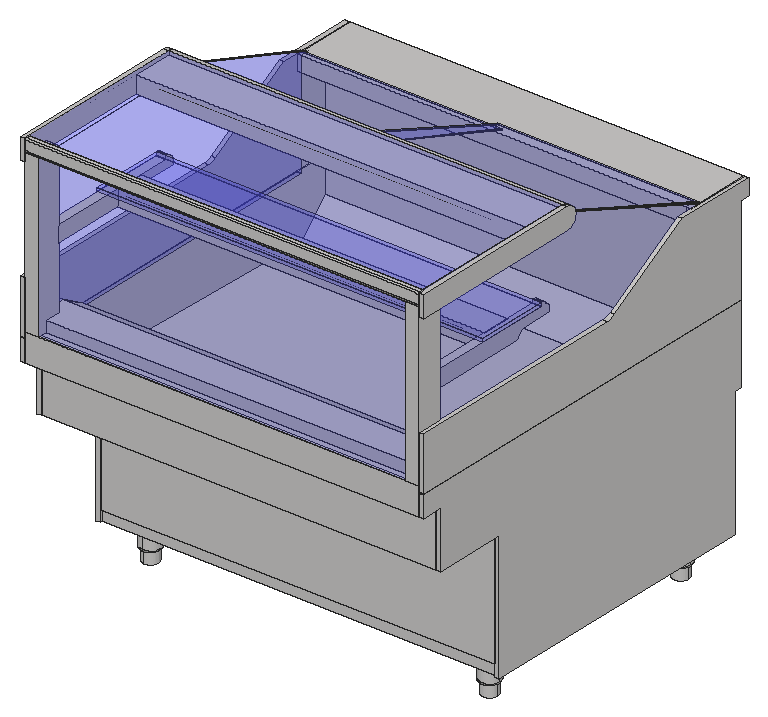
Revit family "Food-Service-Equipment_Oscartek_Dd1110-46H_cat", category Specialty Equipment, Revit 2026
Family settings
  Round Connector Dimension = Use Diameter
  Part Type = Normal
  Classification Number = 23.40.40.11.17
  Work Plane-Based = No
  Enable Cutting in Views = No
  Always vertical = Yes
  Cut with Voids When Loaded = No
  Maintain Annotation Orientation = No
  Shared = No
  Room Calculation Point = No
Parameters
  Width = 44"  # constant formula
  Weight in Pounds = 650
  Watts = 1085 W
  Waste Water Discharge Temperature [instance] = -459.67 °F
  Volts = 230 V
  URL Cutsheet = "www.oscartek.com"
  URL = "www.oscartek.com"
  Type Mark [instance] = ""
  Type Comments = "As Specified"
  Test Data = "http://www.oscartek.com/company/clients.php"
  Status [instance] = ""
  Specification by User [instance] = ""
  Specification by Manufacturer = ""
  Specification = "https://www.arcat.com/arcatcos/cos48/arc48760.html"
  Show Clearance [instance] = yes
  Serial Number = ""
  Seismic Rating = ""
  Sales Information = "http://www.oscartek.com/company/contact.php"
  SMACNA No = ""
  Revision Code [instance] = ""
  Revision = "R1_2018-10"
  Refrigerant Type [instance] = "R404A"
  Product Data = "http://www.oscartek.com/support/manuals/"
  Plumbing Remarks [instance] = ""
  Plumbing Connection Type [instance] = ""
  Phase = 1
  Omniclass Number and Title = ""
  Number of Poles [instance] = 1
  NAFEM Spec ID Number = ""
  Model = "DD1110-46H"
  Min Ckt Ampacity = 0 A
  Max Overcurrent Protection = 0 A
  Masterspec = ""
  Manufacturer Website = "http://www.oscartek.com/index.php"
  Manufacturer Phone - Toll Free = "855-885-2400"
  Manufacturer Phone = "650-342-2400"
  Manufacturer Fax = "650-342-7400"
  Manufacturer Address = "361 Beach Rd., Burlingame, CA 94010"
  Manufacturer = "OSCARTEK"
  Light Length = Width - 4"  # 40"
  Item Number [instance] = ""
  Installed By [instance] = ""
  Installation-Fabrication = "http://www.oscartek.com/support/manuals/"
  Indirect Waste Size = 1"  # constant formula
  Indirect Waste Flow [instance] = 0 GPM
  Indirect Waste Connection Type [instance] = ""
  Indirect Waste Connection Height = 0"
  Identify Quantity as Lot [instance] = yes
  HP = ""
  Green Building-LEED = "https://www.arcat.com/green/green_building.shtml"
  Furnished By [instance] = ""
  Foodservice Equipment Identifier [instance] = yes
  FL Amps = 8.2 A
  Electrical Remarks [instance] = ""
  Electric Connection Type [instance] = ""
  Elec Conn RI Height [instance] = 0"
  Elec Conn Connection Height [instance] = 0"
  Drawn By = "Sumex Design, Inc. / Robert S. Weygant, CSI, CDT, SCIP"
  Description = "DIAMOND DELI/PASTRY SHOWCASES"
  Default Elevation = 0"
  Cycle = 50 Hz
  Copyright = "©Arcat Inc."
  Construction Details = "http://www.oscartek.com/support/manuals/"
  Conn Plug = ""
  Conn Conduit = yes
  Category = ""
  CSI MasterFormat = "11 41 13"
  CSI Master Format = "Refrigerated Food Storage Cases"
  Building Codes = "https://www.arcat.com/arcatcos/cos48/arc48760.html"
  Body Finish [instance] = QF_Finishes_Stainless Steel
  Apparent Power = if(Phase = 3, Volts * FL Amps * 1.73, Volts * FL Amps)  # 1886 VA
Reference planes (in)
  plane 1 "BACK": y = 0
  plane 2: z = 0
  plane 3 "LEFT": x = 0
  plane 4 "RIGHT": x = 44
  plane 5 "FRONT": y = -44.25
  plane 6 "TOP": z = 46
  plane 7 "Center Y": x = 22
  plane 8 "Center X": y = -22.125
  plane 9 "base": z = 17.92856
  plane 10: x = 1
  plane 11: x = 43
Forms (in)
  Extrusion 1, solid, material "QF_Finishes_Stainless Steel" <- "Body Finish"
    sketch origin (0, -44.25, 0) x (0, -1, 0) y (0, 0, -1)
      loop
        line (-2.31297, -17.92856) -> (-10.28174, -17.92856) -> (-10.28174, -5.22229) -> (-10.53174, -5.22229) -> (-10.53174, -3.97229) -> (-16.20099, -3.97229) -> (-16.20099, -5.22229) -> (-36.65227, -5.22229) -> (-36.65227, -3.97229) -> (-42.24423, -3.97229) -> (-42.24423, -5.22229) -> (-42.36829, -5.22229) -> (-42.36829, -17.92856) -> (-43.23446, -17.92856) -> (-43.23446, -36.17971) -> (-44.25, -36.17971) -> (-44.25, -37.95445) -> (-37.12476, -37.95445) -> (-37.12476, -36.28911) -> (-40.26039, -36.28911) -> (-40.8759, -35.6736) -> (-40.8759, -22.59092) -> (-37.69392, -19.40894) -> (-7.45443, -20.20633) -> (-7.45443, -26.70633) -> (-4.63984, -28.33133) -> (-0.97833, -28.33133) -> (-0.97833, -27.10344) -> (0, -27.10344) -> (0, -24.10344) -> (-2.31297, -24.10344) -> (-2.31297, -17.92856)
      loop
        line (-0.5528, -44.60986) -> (-0.5528, -46) -> (-0.12856, -46)
        arc (-0.12856, -46) -> (-0.03766, -45.96234) -> (0, -45.87143) r 0.12856
        line (0, -45.87143) -> (0, -44.78387)
        arc (0, -44.78387) -> (-0.05096, -44.66083) -> (-0.174, -44.60986) r 0.174
        line (-0.174, -44.60986) -> (-0.5528, -44.60986)
      loop
        line (-19.5564, -46) -> (-19.5564, -45.59411) -> (-15.11183, -45.59411) -> (-15.11183, -43.67954) -> (-15.61183, -43.67954) -> (-15.61183, -44.92954) -> (-18.0564, -44.92954) -> (-18.0564, -43.67954) -> (-19.5564, -43.67954)
        arc (-19.5564, -43.67954) -> (-20.71663, -44.83977) -> (-19.5564, -46) r 1.16023
    from 0.5 to 43.5
  Extrusion 2, solid, material "QF_Finishes_Stainless Steel" <- "Body Finish"
    sketch origin (0, -44.25, 0) x (0, -1, 0) y (0, 0, -1)
      loop
        line (-2.31297, -17.92856) -> (-10.28174, -17.92856) -> (-10.28174, -3.97229) -> (-42.36829, -3.97229) -> (-42.36829, -17.92856) -> (-43.23446, -17.92856) -> (-43.23446, -26.40315) -> (0, -26.40315) -> (0, -24.10344) -> (-2.31297, -24.10344) -> (-2.31297, -17.92856)
      loop
        line (-35.31011, -37.95445) -> (-26.08517, -32.62843)
        arc (-26.08517, -32.62843) -> (-25.6104, -32.43178) -> (-25.10092, -32.3647) r 1.9685
        line (-25.10092, -32.3647) -> (0, -32.3647) -> (0, -26.52815) -> (-43.22627, -26.52815) -> (-43.22627, -36.17971) -> (-44.25, -36.17971) -> (-44.25, -37.95445) -> (-35.31011, -37.95445)
    from 0 to 0.5
  Extrusion 3, solid, material "QF_Finishes_Stainless Steel" <- "Body Finish"
    sketch origin (0, -44.25, 0) x (0, -1, 0) y (0, 0, -1)
      loop
        line (0, -27.10344) -> (-2.74998, -27.10344) -> (-2.74998, -44.60986) -> (0, -44.60986) -> (0, -27.10344)
    from 0.5 to 2
  Extrusion 4, solid, material "QF_Finishes_Stainless Steel" <- "Body Finish"
    sketch origin (0, -44.25, 0) x (0, -1, 0) y (0, 0, -1)
      loop
        line (0, -46) -> (0, -43.67954) -> (-19.5564, -43.67954)
        arc (-19.5564, -43.67954) -> (-20.71663, -44.83977) -> (-19.5564, -46) r 1.16023
        line (-19.5564, -46) -> (0, -46)
    from 0 to 0.5
  Extrusion 5, solid, material "QF_Finishes_Stainless Steel" <- "Body Finish"
    sketch origin (44, 0, 0) x (0, 1, 0) y (0, 0, 1)
      loop
        line (-44.25, 46) -> (-44.25, 43.67954) -> (-24.6936, 43.67954)
        arc (-24.6936, 43.67954) -> (-23.53337, 44.83977) -> (-24.6936, 46) r 1.16023
        line (-24.6936, 46) -> (-44.25, 46)
    from 0 to -0.5
  Extrusion 6, solid, material "QF_Finishes_Stainless Steel" <- "Body Finish"
    sketch origin (44, -44.25, 0) x (0, -1, 0) y (0, 0, -1)
      loop
        line (0, -27.10344) -> (-2.74998, -27.10344) -> (-2.74998, -44.60986) -> (0, -44.60986) -> (0, -27.10344)
    from -0.5 to -2
  Extrusion 7, solid, material "Glass"
    sketch origin (0, -44.25, 0) x (1, 0, 0) y (0, 1, 0)
      loop
        line (2, 0) -> (42, 0) -> (42, 0.2764) -> (2, 0.2764) -> (2, 0)
    from 27.10344 to 44.60986
  Extrusion 8, solid, material "QF_Finishes_Stainless Steel" <- "Body Finish"
    sketch origin (44, 0, 0) x (0, 1, 0) y (0, 0, 1)
      loop
        line (-41.93703, 17.92856) -> (-33.96826, 17.92856) -> (-33.96826, 3.97229) -> (-1.88171, 3.97229) -> (-1.88171, 17.92856) -> (-1.01554, 17.92856) -> (-1.01554, 26.40315) -> (-44.25, 26.40315) -> (-44.25, 24.10344) -> (-41.93703, 24.10344) -> (-41.93703, 17.92856)
      loop
        line (-8.93989, 37.95445) -> (-18.16483, 32.62843)
        arc (-18.16483, 32.62843) -> (-18.6396, 32.43178) -> (-19.14908, 32.3647) r 1.9685
        line (-19.14908, 32.3647) -> (-44.25, 32.3647) -> (-44.25, 26.52815) -> (-1.02373, 26.52815) -> (-1.02373, 36.17971) -> (0, 36.17971) -> (0, 37.95445) -> (-8.93989, 37.95445)
    from 0 to -0.5
  Revolve 9, solid, material "QF_Finishes_Stainless Steel"
    sketch origin (3.5, -44.25, 0) x (0, -1, 0) y (0, 0, -1)
      loop
        line (-13.37229, 0) -> (-13.37229, -3.97229) -> (-12.18681, -3.97229) -> (-12.18681, -3.77531) -> (-12.27584, -3.77531) -> (-12.27584, -1.45503)
        arc (-12.27584, -1.45503) -> (-12.32001, -1.34838) -> (-12.42666, -1.30421) r 0.15082
        line (-12.42666, -1.30421) -> (-12.50615, -1.30421) -> (-12.50615, 0) -> (-13.37229, 0)
      axis (-13.37229, -3.97229) -> (-13.37229, 0)
    angle from 0 to 360
  Revolve 10, solid, material "QF_Finishes_Stainless Steel"
    sketch origin (3.5, -18.18706, 0) x (0, -1, 0) y (0, 0, -1)
      loop
        line (-13.37229, 0) -> (-13.37229, -3.97229) -> (-12.18681, -3.97229) -> (-12.18681, -3.77531) -> (-12.27584, -3.77531) -> (-12.27584, -1.45503)
        arc (-12.27584, -1.45503) -> (-12.32001, -1.34838) -> (-12.42666, -1.30421) r 0.15082
        line (-12.42666, -1.30421) -> (-12.50615, -1.30421) -> (-12.50615, 0) -> (-13.37229, 0)
      axis (-13.37229, -3.97229) -> (-13.37229, 0)
    angle from 0 to 360
  Revolve 11, solid, material "QF_Finishes_Stainless Steel"
    sketch origin (53.87229, -30.87771, 0) x (1, 0, 0) y (0, 0, 1)
      loop
        line (-13.37229, 0) -> (-12.50615, 0) -> (-12.50615, 1.30421) -> (-12.42666, 1.30421)
        arc (-12.42666, 1.30421) -> (-12.32001, 1.34838) -> (-12.27584, 1.45503) r 0.15082
        line (-12.27584, 1.45503) -> (-12.27584, 3.77531) -> (-12.18681, 3.77531) -> (-12.18681, 3.97229) -> (-13.37229, 3.97229) -> (-13.37229, 0)
      axis (-13.37229, 3.97229) -> (-13.37229, 0)
    angle from 0 to 360
  Revolve 12, solid, material "QF_Finishes_Stainless Steel"
    sketch origin (53.87229, -4.81477, 0) x (1, 0, 0) y (0, 0, 1)
      loop
        line (-13.37229, 0) -> (-12.50615, 0) -> (-12.50615, 1.30421) -> (-12.42666, 1.30421)
        arc (-12.42666, 1.30421) -> (-12.32001, 1.34838) -> (-12.27584, 1.45503) r 0.15082
        line (-12.27584, 1.45503) -> (-12.27584, 3.77531) -> (-12.18681, 3.77531) -> (-12.18681, 3.97229) -> (-13.37229, 3.97229) -> (-13.37229, 0)
      axis (-13.37229, 3.97229) -> (-13.37229, 0)
    angle from 0 to 360
  Extrusion 13, solid, material "Glass"
    sketch origin (0, -44.25, 0) x (0, -1, 0) y (0, 0, -1)
      loop
        line (-0.5528, -46) -> (-0.5528, -45.59411) -> (-19.5564, -45.59411) -> (-19.5564, -46) -> (-0.5528, -46)
    from 0.5 to 43.5
  Extrusion 14, solid, material "QF_Finishes_Black"
    sketch origin (0, -1.88171, 5.22229) x (0, 0, 1) y (1, 0, 0)
      loop
        line (11.08103, 37.21488) -> (1.08103, 37.21488) -> (1.08103, 35.71488) -> (11.08103, 35.71488) -> (11.08103, 37.21488)
      loop
        line (11.08103, 35.46488) -> (1.08103, 35.46488) -> (1.08103, 33.96488) -> (11.08103, 33.96488) -> (11.08103, 35.46488)
      loop
        line (11.08103, 33.71488) -> (1.08103, 33.71488) -> (1.08103, 32.21488) -> (11.08103, 32.21488) -> (11.08103, 33.71488)
      loop
        line (11.08103, 31.96488) -> (1.08103, 31.96488) -> (1.08103, 30.46488) -> (11.08103, 30.46488) -> (11.08103, 31.96488)
      loop
        line (11.08103, 30.21488) -> (1.08103, 30.21488) -> (1.08103, 28.71488) -> (11.08103, 28.71488) -> (11.08103, 30.21488)
      loop
        line (11.08103, 28.46488) -> (1.08103, 28.46488) -> (1.08103, 26.96488) -> (11.08103, 26.96488) -> (11.08103, 28.46488)
    from 0 to 0.03125
  Extrusion 15, solid, material "QF_Finishes_Door Clearance", visible <- "Show Clearance", detail levels coarse
    sketch origin (0, -44.25, 0) x (0, -1, 0) y (0, 0, -1)
      loop
        line (17.50642, -27.10344) -> (0, -27.10344) -> (0, -44.60986)
        arc (0, -44.60986) -> (12.37891, -39.48235) -> (17.50642, -27.10344) r 17.50642
    from 0.5 to 43.5
  Extrusion 16, solid, material "QF_Finishes_Stainless Steel"
    sketch origin (0, -44.25, 17.92856) x (-1, 0, 0) y (0, -1, 0)
      loop
        circle (-5.75, -36.79348) r 0.5
      loop
        circle (-38.25, -36.79348) r 0.5
    from 0 to -1
  Extrusion 17, solid, material "QF_Finishes_Stainless Steel" <- "Body Finish"
    sketch origin (0, -44.25, 0) x (0, -1, 0) y (0, 0, -1)
      loop
        line (-2.74998, -35.08466) -> (-13.82063, -35.08466)
        arc (-13.82063, -35.08466) -> (-13.97129, -35.11463) -> (-14.09902, -35.19998) r 0.3937
        line (-14.09902, -35.19998) -> (-14.65579, -35.75675)
        arc (-14.65579, -35.75675) -> (-14.78352, -35.8421) -> (-14.93418, -35.87206) r 0.3937
        line (-14.93418, -35.87206) -> (-18.35113, -35.87206)
        arc (-18.35113, -35.87206) -> (-18.18116, -36.72072) -> (-17.49636, -37.25001) r 1.23649
        line (-17.49636, -37.25001) -> (-17.3307, -37.25001) -> (-17.3307, -36.85631) -> (-2.74998, -36.85631) -> (-2.74998, -35.08466)
    from 1 to 2
  Extrusion 18, solid, material "QF_Finishes_Stainless Steel" <- "Body Finish"
    sketch origin (43, -180, 44.05288) x (0, 0, -1) y (0, 1, 0)
      loop
        line (8.96822, 138.49998) -> (8.96822, 149.57063)
        arc (8.96822, 149.57063) -> (8.93825, 149.72129) -> (8.85291, 149.84902) r 0.3937
        line (8.85291, 149.84902) -> (8.29613, 150.40579)
        arc (8.29613, 150.40579) -> (8.21079, 150.53352) -> (8.18082, 150.68418) r 0.3937
        line (8.18082, 150.68418) -> (8.18082, 154.10113)
        arc (8.18082, 154.10113) -> (7.33217, 153.93116) -> (6.80287, 153.24636) r 1.23649
        line (6.80287, 153.24636) -> (6.80287, 153.0807) -> (7.19657, 153.0807) -> (7.19657, 138.49998) -> (8.96822, 138.49998)
    from 0 to -1
  Extrusion 19, solid, material "Glass"
    sketch origin (0, -44.25, 0) x (0, -1, 0) y (0, 0, -1)
      loop
        line (-9.24016, -37.25001) -> (-9.24016, -36.85631) -> (-17.31101, -36.85631) -> (-17.31101, -37.25001) -> (-9.24016, -37.25001)
    from 1 to 43
  Extrusion 20, solid, material "QF_Finishes_Stainless Steel" <- "Body Finish"
    sketch origin (0, -44.25, 0) x (0, -1, 0) y (0, 0, -1)
      loop
        line (-13.91788, -36.85631) -> (-10.80814, -36.85631) -> (-10.80814, -35.08466) -> (-10.93314, -35.08466) -> (-10.93314, -36.73131) -> (-13.79288, -36.73131) -> (-13.79288, -35.08466) -> (-13.91788, -35.08466) -> (-13.91788, -36.85631)
    from 2 to 42
  Extrusion 21, solid, material "QF_Finishes_Stainless Steel"
    sketch origin (-3.58988, -1.88171, 5.22229) x (0, 0, 1) y (-1, 0, 0)
      loop
        line (12.70627, -20.3562) -> (11.20627, -20.3562) -> (11.20627, -26.3562) -> (12.70627, -26.3562) -> (12.70627, -20.3562)
    from 0 to -1
  Extrusion 22, solid, material "Glass"
    sketch origin (44, -44.25, 0) x (0, -1, 0) y (0, 0, 1)
      loop
        line (-20.70992, 44.96435) -> (-38.26035, 38.10722) -> (-38.20304, 37.96053) -> (-20.71601, 44.80186)
        arc (-20.71601, 44.80186) -> (-20.71582, 44.88321) -> (-20.70992, 44.96435) r 1.16023
    from 0.5 to 22.5
  Extrusion 23, solid, material "Glass"
    sketch origin (0, -44.25, 0) x (0, -1, 0) y (0, 0, 1)
      loop
        line (-2.74998, 43.67954) -> (-19.5564, 43.67954)
        arc (-19.5564, 43.67954) -> (-20.14761, 43.84147) -> (-20.5738, 44.28206) r 1.16023
        line (-20.5738, 44.28206) -> (-38.07788, 37.95445) -> (-37.12476, 37.95445) -> (-37.12476, 26.42856) -> (-7.45443, 26.42856) -> (-7.45443, 26.70633) -> (-4.63984, 28.33133) -> (-2.74998, 28.33133) -> (-2.74998, 43.67954)
    from -0.5 to -1
  Extrusion 24, solid, material "Glass"
    sketch origin (0, -44.25, 0) x (0, -1, 0) y (0, 0, 1)
      loop
        line (-20.5738, 44.28206) -> (-37.65129, 38.10866) -> (-37.59776, 37.96056) -> (-20.48648, 44.14617)
        arc (-20.48648, 44.14617) -> (-20.53251, 44.2126) -> (-20.5738, 44.28206) r 1.16023
    from -0.5 to -22.5
  Extrusion 25, solid, material "Glass"
    sketch origin (43, -180, 44.05288) x (0, 0, -1) y (0, 1, 0)
      loop
        line (0.37334, 138.49998) -> (15.72156, 138.49998) -> (15.72156, 140.38984) -> (17.34656, 143.20443) -> (17.62432, 143.20443) -> (17.62432, 172.87476) -> (6.09843, 172.87476) -> (6.09843, 173.96858) -> (-0.74897, 156.46601)
        arc (-0.74897, 156.46601) -> (0.04682, 156.11329) -> (0.37334, 155.3064) r 1.16023
        line (0.37334, 155.3064) -> (0.37334, 138.49998)
    from 0.5 to 0
Lines and regions (in)
  Split face 1
    outline origin (-3.58988, -0.88171, 5.22229) x (0, 0, 1) y (-1, 0, 0)
      loop
        line (12.34422, -21.51577) -> (11.59422, -21.51577) -> (11.59422, -25.51577) -> (12.34422, -25.51577) -> (12.34422, -21.51577)
  symbolic lines
    curve 1: line (0, -44.25, 0) -> (44, -44.25, 0)
    curve 2: line (0, 0, 0) -> (0, -44.25, 0)
    curve 3: line (44, -44.25, 0) -> (44, 0, 0)
    curve 4: line (43.5, 0, 0) -> (43.5, -44.25, 0)
    curve 5: line (0.5, -44.25, 0) -> (0.5, 0, 0)
    curve 6: line (0.5, -6.59871, 0) -> (21.5, -6.59871, 0)
    curve 7: line (21.5, -5.98965, 0) -> (21.5, -23.53337, 0)
    curve 8: line (21.5, -5.98965, 0) -> (43.5, -5.98965, 0)
    curve 9: line (0, -23.53337, 0) -> (44, -23.53337, 0)
    curve 10: line (0.5, -24.7561, 0) -> (43.5, -24.7561, 0)
    curve 11: line (0.5, -43.6537, 0) -> (43.5, -43.6537, 0)
    curve 12: line (0, 0, 0) -> (44, 0, 0)
  symbolic lines, style "QF-Door Swings"
    curve 13: line (43.5, -61.87838, 0) -> (0.5, -61.87838, 0)
    curve 14: line (0.5, -61.87838, 0) -> (0.5, -44.25, 0)
    curve 15: line (43.5, -44.25, 0) -> (43.5, -61.87838, 0)
  symbolic lines, style "QF-Surface Details"
    curve 16: line (8.98362, -16.5042, 0) -> (12.1656, -13.32221, 0)
    curve 17: line (8.65315, -17.94487, 0) -> (13.6029, -12.99513, 0)
    curve 18: line (10.24583, -17.76641, 0) -> (13.60459, -14.40765, 0)
    curve 19: line (30.73362, -16.5042, 0) -> (33.9156, -13.32221, 0)
    curve 20: line (30.40315, -17.94487, 0) -> (35.3529, -12.99513, 0)
    curve 21: line (31.99583, -17.76641, 0) -> (35.35459, -14.40765, 0)
    curve 22: line (8.98362, -34.5042, 0) -> (12.1656, -31.32221, 0)
    curve 23: line (8.65315, -35.94487, 0) -> (13.6029, -30.99513, 0)
    curve 24: line (10.24583, -35.76641, 0) -> (13.60459, -32.40765, 0)
    curve 25: line (30.73362, -34.5042, 0) -> (33.9156, -31.32221, 0)
    curve 26: line (30.40315, -35.94487, 0) -> (35.3529, -30.99513, 0)
    curve 27: line (31.99583, -35.76641, 0) -> (35.35459, -32.40765, 0)
    curve 28: line (20.6853, -34.5042, 0) -> (23.86728, -31.32221, 0)
    curve 29: line (20.35483, -35.94487, 0) -> (25.30458, -30.99513, 0)
    curve 30: line (21.94751, -35.76641, 0) -> (25.30627, -32.40765, 0)
Dimensions and locks (in)
  equal spacing: plane 3 "LEFT", plane 7 "Center Y", plane 4 "RIGHT"
  "Width": plane 3 "LEFT" to plane 4 "RIGHT"
  equal spacing: plane 5 "FRONT", plane 8 "Center X", plane 1 "BACK"
  plane 5 "FRONT" to plane 1 "BACK" = 44 1/4"
  Extrusion 21 sketch curve to Extrusion 21 sketch curve to plane 4 "RIGHT" = 6" locked, 21.23369" locked
  locked: plane 3 "LEFT" to plane 10 at 1
  locked: plane 4 "RIGHT" to plane 11 at 1
  plane 4 "RIGHT" to Extrusion 6 to Extrusion 6 = 1/2" locked, 1 1/2" locked
  Extrusion 3 to Extrusion 3 to plane 3 "LEFT" = 1 1/2" locked, 1/2" locked
  Extrusion 22 to plane 7 "Center Y" to Extrusion 24 = 1/2" locked, 1/2" locked
  plane 6 "TOP" to level = 46"
  aligned and locked: level to plane 2
  aligned and locked: Extrusion 15 to Extrusion 6
  aligned and locked: Extrusion 6 to Extrusion 22
  aligned and locked: Extrusion 1 to Extrusion 6
  aligned and locked: plane 11 to Extrusion 19
  aligned and locked: Extrusion 6 to Extrusion 13
  aligned and locked: nested 1 to plane 7 "Center Y"
  aligned and locked: nested 2 to plane 7 "Center Y"
  aligned and locked: Extrusion 20 to Extrusion 6
Automatic sketch dimensions
  Extrusion 1 sketch curve to plane 9 "base" = 0"  (x2)
  plane 1 "BACK" to Extrusion 1 sketch curve = 0"
  Extrusion 1 sketch curve to Extrusion 1 sketch curve = 1.01554"
  Extrusion 1 sketch curve to Extrusion 1 sketch curve = 0.86617"
  Extrusion 1 sketch curve to Extrusion 1 sketch curve = 0.12406"
  plane 1 "BACK" to Extrusion 1 sketch curve = 3.3741"
  Extrusion 1 sketch curve to Extrusion 1 sketch curve = 0.6155"  (x2)
  plane 9 "base" to Extrusion 1 sketch curve = 1.48038"
  Extrusion 1 sketch curve to Extrusion 1 sketch curve = 3.18198"  (x2)
  Extrusion 1 sketch curve to Extrusion 1 sketch curve = 3.13563"
  Extrusion 1 sketch curve to Extrusion 1 sketch curve = 5.59196"
  Extrusion 1 sketch curve to plane 8 "Center X" = 2.5686"
  Extrusion 1 sketch curve to Extrusion 1 sketch curve = 1 1/2"
  Extrusion 1 sketch curve to plane 8 "Center X" = 5.92401"
  Extrusion 1 sketch curve to Extrusion 1 sketch curve = 2.44457"
  Extrusion 1 sketch curve to Extrusion 1 sketch curve = 1/2"
  Extrusion 1 sketch curve to Extrusion 1 sketch curve = 5.66925"
  Extrusion 1 sketch curve to plane 5 "FRONT" = 10.28174"
  plane 9 "base" to Extrusion 1 sketch curve = 2.27777"
  Extrusion 1 sketch curve to Extrusion 1 sketch curve = 2.82731"
  Extrusion 1 sketch curve to Extrusion 1 sketch curve = 2.81458"
  Extrusion 1 sketch curve to plane 5 "FRONT" = 2.31297"
  Extrusion 1 sketch curve to plane 5 "FRONT" = 0.97833"
  Extrusion 1 sketch curve to plane 5 "FRONT" = 0.5528"
  Extrusion 1 sketch curve to Extrusion 1 sketch curve = 0.3788"
  Extrusion 1 sketch curve to Extrusion 1 sketch curve = 0.42424"
  plane 5 "FRONT" to Extrusion 1 sketch curve = 0"
  Extrusion 1 sketch curve to Extrusion 1 sketch curve = 0.12856"
  Extrusion 1 sketch curve to Extrusion 1 sketch curve = 6.17488"
  Extrusion 1 sketch curve to Extrusion 1 sketch curve = 2.60288"
  Extrusion 1 sketch curve to Extrusion 1 sketch curve = 3"
  Extrusion 1 sketch curve to Extrusion 1 sketch curve = 1 5/8"
  Extrusion 1 sketch curve to Extrusion 1 sketch curve = 13.08268"
  Extrusion 1 sketch curve to Extrusion 1 sketch curve = 0.50611"
  Extrusion 1 sketch curve to Extrusion 1 sketch curve = 1.77474"
  Extrusion 1 sketch curve to Extrusion 1 sketch curve = 5.72508"
  Extrusion 1 sketch curve to Extrusion 1 sketch curve = 0"
  Extrusion 1 sketch curve to Extrusion 1 sketch curve = 0.93033"
  Extrusion 1 sketch curve to Extrusion 1 sketch curve = 1.16023"
  Extrusion 1 sketch curve to Extrusion 1 sketch curve = 1 1/4"  (x3)
  Extrusion 1 sketch curve to Extrusion 1 sketch curve = 0.66458"
  Extrusion 1 sketch curve to Extrusion 1 sketch curve = 1.08757"
  level to Extrusion 1 sketch curve = 5.22229"  (x3)
  Extrusion 2 sketch curve to plane 9 "base" = 0"  (x2)
  plane 1 "BACK" to Extrusion 2 sketch curve = 0"
  plane 1 "BACK" to Extrusion 2 sketch curve = 1.01554"
  Extrusion 2 sketch curve to Extrusion 2 sketch curve = 0.00819"
  plane 1 "BACK" to Extrusion 2 sketch curve = 1.88171"
  Extrusion 2 sketch curve to Extrusion 2 sketch curve = 7.91616"
  plane 8 "Center X" to Extrusion 2 sketch curve = 3.96017"
  Extrusion 2 sketch curve to Extrusion 2 sketch curve = 0.98425"
  level to Extrusion 2 sketch curve = 3.97229"
  Extrusion 2 sketch curve to plane 5 "FRONT" = 10.28174"
  Extrusion 2 sketch curve to plane 5 "FRONT" = 2.31297"
  plane 5 "FRONT" to Extrusion 2 sketch curve = 0"
  Extrusion 2 sketch curve to Extrusion 2 sketch curve = 0"
  Extrusion 2 sketch curve to Extrusion 2 sketch curve = 6.17488"
  Extrusion 2 sketch curve to Extrusion 2 sketch curve = 2.29971"
  Extrusion 2 sketch curve to Extrusion 2 sketch curve = 1/8"
  Extrusion 2 sketch curve to Extrusion 2 sketch curve = 5.83655"
  Extrusion 2 sketch curve to Extrusion 2 sketch curve = 0.26373"
  Extrusion 2 sketch curve to Extrusion 2 sketch curve = 9.65156"
  Extrusion 2 sketch curve to Extrusion 2 sketch curve = 1.77474"
  Extrusion 3 sketch curve to plane 5 "FRONT" = 2.74998"
  plane 5 "FRONT" to Extrusion 3 sketch curve = 0"
  plane 9 "base" to Extrusion 3 sketch curve = 26.6813"
  plane 9 "base" to Extrusion 3 sketch curve = 9.17488"
  Extrusion 4 sketch curve to plane 8 "Center X" = 2.5686"
  plane 5 "FRONT" to Extrusion 4 sketch curve = 0"
  plane 9 "base" to Extrusion 4 sketch curve = 28.07144"
  Extrusion 4 sketch curve to Extrusion 4 sketch curve = 1.16023"
  Extrusion 6 sketch curve to plane 5 "FRONT" = 2.74998"
  plane 5 "FRONT" to Extrusion 6 sketch curve = 0"
  plane 9 "base" to Extrusion 6 sketch curve = 26.6813"
  plane 9 "base" to Extrusion 6 sketch curve = 9.17488"
  plane 5 "FRONT" to Extrusion 7 sketch curve = 0.2764"
  Extrusion 7 sketch curve to plane 3 "LEFT" = 2"
  Extrusion 7 sketch curve to plane 5 "FRONT" = 0"
  plane 4 "RIGHT" to Extrusion 7 sketch curve = 2"
  Revolve 9 sketch curve to level = 0"
  Revolve 9 sketch curve to plane 8 "Center X" = 8.75271"
  Revolve 9 sketch curve to Revolve 9 sketch curve = 0"
  Revolve 9 sketch curve to Revolve 9 sketch curve = 0.86614"
  Revolve 9 sketch curve to Revolve 9 sketch curve = 0.07949"
  Revolve 9 sketch curve to Revolve 9 sketch curve = 1.09644"
  Revolve 9 sketch curve to Revolve 9 sketch curve = 0.08904"
  level to Revolve 9 sketch curve = 1.30421"
  Revolve 9 sketch curve to Revolve 9 sketch curve = 1.40035"
  Revolve 9 sketch curve to Revolve 9 sketch curve = 0.91993"
  Revolve 9 sketch curve to Revolve 9 sketch curve = 0.19698"
  Revolve 9 sketch curve to Revolve 9 sketch curve = 0.14462"
  Revolve 10 sketch curve to level = 0"
  plane 1 "BACK" to Revolve 10 sketch curve = 4.81477"
  Revolve 10 sketch curve to Revolve 10 sketch curve = 0"
  Revolve 10 sketch curve to Revolve 10 sketch curve = 0.86614"
  Revolve 10 sketch curve to Revolve 10 sketch curve = 0.07949"
  Revolve 10 sketch curve to Revolve 10 sketch curve = 1.09644"
  Revolve 10 sketch curve to Revolve 10 sketch curve = 0.08904"
  level to Revolve 10 sketch curve = 1.30421"
  Revolve 10 sketch curve to Revolve 10 sketch curve = 1.40035"
  Revolve 10 sketch curve to Revolve 10 sketch curve = 0.91993"
  Revolve 10 sketch curve to Revolve 10 sketch curve = 0.19698"
  Revolve 10 sketch curve to Revolve 10 sketch curve = 0.14462"
  Revolve 11 sketch curve to level = 0"
  Revolve 11 sketch curve to Revolve 11 sketch curve = 0"
  Revolve 11 sketch curve to Revolve 11 sketch curve = 0.86614"
  Revolve 11 sketch curve to Revolve 11 sketch curve = 0.07949"
  Revolve 11 sketch curve to Revolve 11 sketch curve = 1.09644"
  Revolve 11 sketch curve to Revolve 11 sketch curve = 0.08904"
  Revolve 11 sketch curve to Revolve 11 sketch curve = 0.14462"
  level to Revolve 11 sketch curve = 1.30421"
  Revolve 11 sketch curve to Revolve 11 sketch curve = 1.40035"
  Revolve 11 sketch curve to Revolve 11 sketch curve = 0.91993"
  Revolve 11 sketch curve to Revolve 11 sketch curve = 0.19698"
  Revolve 12 sketch curve to level = 0"
  Revolve 12 sketch curve to Revolve 12 sketch curve = 0"
  Revolve 12 sketch curve to Revolve 12 sketch curve = 0.86614"
  Revolve 12 sketch curve to Revolve 12 sketch curve = 0.07949"
  Revolve 12 sketch curve to Revolve 12 sketch curve = 1.09644"
  Revolve 12 sketch curve to Revolve 12 sketch curve = 0.08904"
  Revolve 12 sketch curve to Revolve 12 sketch curve = 0.14462"
  level to Revolve 12 sketch curve = 1.30421"
  Revolve 12 sketch curve to Revolve 12 sketch curve = 1.40035"
  Revolve 12 sketch curve to Revolve 12 sketch curve = 0.91993"
  Revolve 12 sketch curve to Revolve 12 sketch curve = 0.19698"
  Extrusion 13 sketch curve to plane 8 "Center X" = 2.5686"
  Extrusion 13 sketch curve to plane 5 "FRONT" = 0.5528"
  plane 9 "base" to Extrusion 13 sketch curve = 28.07144"
  Extrusion 13 sketch curve to Extrusion 13 sketch curve = 0.40588"
  Extrusion 14 sketch curve to Extrusion 1 = 1.08103"  (x2)
  Extrusion 14 sketch curve to Extrusion 14 sketch curve = 0"  (x8)
  Extrusion 1 to Extrusion 14 sketch curve = 1.62523"  (x2)
  Extrusion 1 to Extrusion 14 sketch curve = 16.53512"
  Extrusion 14 sketch curve to Extrusion 14 sketch curve = 1 1/2"  (x6)
  Extrusion 14 sketch curve to Extrusion 14 sketch curve = 1/4"  (x5)
  Extrusion 16 sketch curve to plane 4 "RIGHT" = 5 3/4"
  plane 3 "LEFT" to Extrusion 16 sketch curve = 5 3/4"
  plane 1 "BACK" to Extrusion 16 sketch curve = 7.45652"  (x2)
  Extrusion 17 sketch curve to plane 8 "Center X" = 3.77387"
  Extrusion 17 sketch curve to Extrusion 17 sketch curve = 0.85477"
  Extrusion 17 sketch curve to Extrusion 17 sketch curve = 0.16566"
  Extrusion 17 sketch curve to Extrusion 17 sketch curve = 0.20029"
  Extrusion 17 sketch curve to Extrusion 17 sketch curve = 2.19623"
  Extrusion 17 sketch curve to Extrusion 17 sketch curve = 0.27839"  (x4)
  Extrusion 17 sketch curve to Extrusion 17 sketch curve = 0.55678"
  Extrusion 17 sketch curve to plane 5 "FRONT" = 2.74998"
  plane 9 "base" to Extrusion 17 sketch curve = 19.32145"
  Extrusion 17 sketch curve to Extrusion 17 sketch curve = 0.3937"
  Extrusion 17 sketch curve to Extrusion 17 sketch curve = 0.7874"
  Extrusion 17 sketch curve to Extrusion 17 sketch curve = 0.11531"
  Extrusion 19 sketch curve to plane 8 "Center X" = 4.81399"
  Extrusion 19 sketch curve to Extrusion 19 sketch curve = 8.07085"
  plane 9 "base" to Extrusion 19 sketch curve = 19.32145"
  Extrusion 19 sketch curve to Extrusion 19 sketch curve = 0.3937"
  Extrusion 20 sketch curve to plane 8 "Center X" = 8.20712"
  Extrusion 20 sketch curve to Extrusion 20 sketch curve = 1/8"  (x3)
  Extrusion 20 sketch curve to Extrusion 20 sketch curve = 2.85974"
  plane 9 "base" to Extrusion 20 sketch curve = 18.92775"
  Extrusion 20 sketch curve to Extrusion 20 sketch curve = 1.64665"  (x2)
  Extrusion 21 sketch curve to plane 9 "base" = 0"
  Extrusion 21 sketch curve to Extrusion 21 sketch curve = 1 1/2"
  Split face 1 sketch curve to Extrusion 21 = 0.38795"
  Split face 1 sketch curve to Extrusion 21 = 0.36205"
  Split face 1 sketch curve to Extrusion 21 = 0.84043"
  Split face 1 sketch curve to Extrusion 21 = 1.15957"
  plane 1 "BACK" to Extrusion 22 sketch curve = 5.98965"
  Extrusion 22 sketch curve to Extrusion 22 sketch curve = 0.05731"
  Extrusion 22 sketch curve to plane 8 "Center X" = 1.41508"
  Extrusion 22 sketch curve to Extrusion 22 sketch curve = 0.00609"
  Extrusion 22 sketch curve to Extrusion 22 sketch curve = 1.15961"
  plane 9 "base" to Extrusion 22 sketch curve = 20.03197"
  Extrusion 22 sketch curve to Extrusion 22 sketch curve = 0.14668"
  plane 1 "BACK" to Extrusion 23 sketch curve = 6.17212"
  Extrusion 23 sketch curve to Extrusion 23 sketch curve = 61/64"
  Extrusion 23 sketch curve to plane 8 "Center X" = 1.5512"
  Extrusion 23 sketch curve to Extrusion 23 sketch curve = 1.0174"
  Extrusion 23 sketch curve to plane 5 "FRONT" = 7.45443"
  Extrusion 23 sketch curve to Extrusion 23 sketch curve = 2.81458"
  Extrusion 23 sketch curve to plane 5 "FRONT" = 2.74998"
  plane 9 "base" to Extrusion 23 sketch curve = 8 1/2"
  Extrusion 23 sketch curve to Extrusion 23 sketch curve = 0.27777"
  Extrusion 23 sketch curve to Extrusion 23 sketch curve = 1 5/8"
  Extrusion 23 sketch curve to Extrusion 23 sketch curve = 11.52589"
  Extrusion 23 sketch curve to Extrusion 23 sketch curve = 15.34821"
  Extrusion 23 sketch curve to Extrusion 23 sketch curve = 0.60253"
  plane 1 "BACK" to Extrusion 24 sketch curve = 6.59871"
  Extrusion 24 sketch curve to Extrusion 24 sketch curve = 0.05354"
  Extrusion 24 sketch curve to plane 8 "Center X" = 1.5512"
  Extrusion 24 sketch curve to Extrusion 24 sketch curve = 0.08731"
  Extrusion 24 sketch curve to Extrusion 24 sketch curve = 1.0174"
  plane 9 "base" to Extrusion 24 sketch curve = 20.032"
  Extrusion 24 sketch curve to Extrusion 24 sketch curve = 0.1481"
  curve 1 to plane 3 "LEFT" = 0"
  plane 5 "FRONT" to curve 5 = 0"
  plane 1 "BACK" to curve 5 = 0"
  curve 3 to plane 4 "RIGHT" = 0"
  plane 3 "LEFT" to curve 14 = 1/2"
  plane 3 "LEFT" to curve 11 = 1/2"
  curve 4 to plane 4 "RIGHT" = 1/2"
  curve 15 to curve 4 = 0"
  plane 5 "FRONT" to curve 13 = 17.62838"
  curve 11 to plane 5 "FRONT" = 0.5963"
  curve 10 to plane 8 "Center X" = 2.6311"
  curve 10 to curve 9 = 1.22273"
  plane 1 "BACK" to curve 8 = 5.98965"
  curve 6 to curve 8 = 0.60905"
  curve 7 to plane 7 "Center Y" = 1/2"
  Extrusion 8 sketch curve to plane 5 "FRONT" = 0"  (x2)
  Extrusion 8 sketch curve to plane 9 "base" = 0"  (x2)
  Extrusion 8 sketch curve to plane 1 "BACK" = 0"
  Extrusion 8 sketch curve to plane 5 "FRONT" = 2.31297"
  level to Extrusion 8 sketch curve = 3.97229"
  Extrusion 8 sketch curve to plane 5 "FRONT" = 10.28174"
  plane 8 "Center X" to Extrusion 8 sketch curve = 2.97592"
  Extrusion 8 sketch curve to Extrusion 8 sketch curve = 0.98425"
  Extrusion 8 sketch curve to Extrusion 8 sketch curve = 8.93989"
  plane 1 "BACK" to Extrusion 8 sketch curve = 1.88171"
  plane 1 "BACK" to Extrusion 8 sketch curve = 1.02373"
  Extrusion 8 sketch curve to Extrusion 8 sketch curve = 0.86617"
  plane 9 "base" to Extrusion 8 sketch curve = 6.17488"
  Extrusion 8 sketch curve to Extrusion 8 sketch curve = 2.29971"
  Extrusion 8 sketch curve to Extrusion 8 sketch curve = 1/8"
  plane 9 "base" to Extrusion 8 sketch curve = 14.43614"
  Extrusion 8 sketch curve to Extrusion 8 sketch curve = 0.26373"
  Extrusion 8 sketch curve to Extrusion 8 sketch curve = 9.65156"
  Extrusion 8 sketch curve to Extrusion 8 sketch curve = 1.77474"
  plane 8 "Center X" to Extrusion 25 sketch curve = 2.5686"
  Extrusion 25 sketch curve to plane 9 "base" = 26.91121"
  Extrusion 25 sketch curve to Extrusion 25 sketch curve = 0.03791"
  Extrusion 25 sketch curve to Extrusion 25 sketch curve = 1.16023"
  Extrusion 25 sketch curve to plane 1 "BACK" = 6.03142"
  Extrusion 25 sketch curve to Extrusion 25 sketch curve = 6.8474"
  plane 5 "FRONT" to Extrusion 25 sketch curve = 2.74998"
  Extrusion 25 sketch curve to plane 9 "base" = 10.40277"
  Extrusion 25 sketch curve to Extrusion 25 sketch curve = 1 5/8"
  Extrusion 25 sketch curve to plane 9 "base" = 8 1/2"
  Extrusion 25 sketch curve to Extrusion 25 sketch curve = 1.09382"
  Extrusion 25 sketch curve to Extrusion 25 sketch curve = 4.70445"
  Extrusion 25 sketch curve to Extrusion 25 sketch curve = 1.88987"
  plane 8 "Center X" to Extrusion 18 sketch curve = 4.62864"
  Extrusion 18 sketch curve to plane 9 "base" = 19.32145"
  Extrusion 18 sketch curve to Extrusion 18 sketch curve = 0.3937"  (x2)
  Extrusion 18 sketch curve to Extrusion 18 sketch curve = 0.7874"
  Extrusion 18 sketch curve to Extrusion 18 sketch curve = 0.19685"
  plane 8 "Center X" to Extrusion 18 sketch curve = 7.46921"
  Extrusion 18 sketch curve to Extrusion 18 sketch curve = 0.11531"  (x2)
  Extrusion 18 sketch curve to Extrusion 18 sketch curve = 0.27839"  (x2)
  Extrusion 18 sketch curve to Extrusion 18 sketch curve = 0.85477"
  Extrusion 18 sketch curve to Extrusion 18 sketch curve = 0.16566"
  Extrusion 18 sketch curve to Extrusion 18 sketch curve = 0.55678"
  plane 5 "FRONT" to Extrusion 18 sketch curve = 2.74998"
  Revolve 12 sketch curve to plane 11 = 2 1/2"
  Revolve 11 sketch curve to plane 11 = 2 1/2"
  Extrusion 15 sketch curve to plane 5 "FRONT" = 0"
  plane 9 "base" to Extrusion 15 sketch curve = 26.6813"
  Extrusion 15 sketch curve to Extrusion 15 sketch curve = 17.50642"
  Extrusion 5 sketch curve to plane 5 "FRONT" = 0"
  Extrusion 5 sketch curve to plane 8 "Center X" = 2.5686"
  plane 9 "base" to Extrusion 5 sketch curve = 25.75097"
  Extrusion 5 sketch curve to Extrusion 5 sketch curve = 1.16023"
  curve 17 to plane 10 = 7.65315"
  curve 23 to plane 10 = 7.65315"
  curve 17 to curve 16 = 0.33047"
  curve 23 to curve 22 = 0.33047"
  plane 8 "Center X" to curve 18 = 4.35859"
  curve 17 to curve 18 = 1.59268"
  curve 23 to curve 24 = 1.59268"
  curve 22 to curve 22 = 3.18198"
  curve 16 to curve 16 = 3.18198"
  curve 16 to curve 17 = 1.4373"
  curve 22 to curve 23 = 1.4373"
  curve 23 to curve 24 = 0.00169"
  curve 17 to curve 18 = 0.00169"
  curve 29 to plane 7 "Center Y" = 1.64517"
  curve 28 to plane 7 "Center Y" = 1.3147"
  curve 30 to plane 7 "Center Y" = 0.05249"
  plane 7 "Center Y" to curve 28 = 1.86728"
  curve 28 to curve 29 = 1.4373"
  curve 29 to curve 30 = 0.00169"
  curve 30 to curve 26 = 5.09688"
  plane 8 "Center X" to curve 20 = 4.18013"
  plane 7 "Center Y" to curve 20 = 8.40315"
  curve 20 to curve 19 = 0.33047"
  curve 26 to curve 25 = 0.33047"
  plane 8 "Center X" to curve 21 = 4.35859"
  curve 20 to curve 21 = 1.59268"
  curve 26 to curve 27 = 1.59268"
  curve 25 to curve 25 = 3.18198"
  curve 19 to curve 19 = 3.18198"
  curve 19 to curve 20 = 1.4373"
  curve 25 to curve 26 = 1.4373"
  curve 20 to curve 21 = 0.00169"
  curve 26 to curve 27 = 0.00169"
  curve 23 to plane 5 "FRONT" = 8.30513"
  curve 29 to plane 5 "FRONT" = 8.30513"
  curve 26 to plane 5 "FRONT" = 8.30513"
  curve 29 to curve 30 = 0.17847"
  curve 23 to curve 24 = 0.17847"
  curve 26 to curve 27 = 0.17847"
  curve 23 to curve 22 = 1.44068"
  curve 29 to curve 28 = 1.44068"
  curve 26 to curve 25 = 1.44068"
  curve 30 to curve 30 = 3.35876"
  curve 27 to curve 27 = 3.35876"
  curve 24 to curve 24 = 3.35876"
  curve 24 to curve 22 = 1.08544"
  curve 30 to curve 28 = 1.08544"
  curve 27 to curve 25 = 1.08544"
  curve 24 to curve 23 = 1.41252"
  curve 30 to curve 29 = 1.41252"
  curve 27 to curve 26 = 1.41252"
  curve 17 to curve 18 = 0.17847"
  curve 17 to curve 16 = 1.44068"
  curve 20 to curve 19 = 1.44068"
  curve 18 to curve 18 = 3.35876"
  curve 21 to curve 21 = 3.35876"
  curve 21 to curve 19 = 1.08544"
  curve 18 to curve 16 = 1.08544"
  curve 18 to curve 17 = 1.41252"
  curve 21 to curve 20 = 1.41252"
  radius of Extrusion 16 sketch curve = 1/2"  (x2)
Nested families (in)
  nested 1: "DD1110-46H_Lights" at (22, -27.41589, -9.25), type "DD1110-46H_Lights"
  nested 2: "DD1110-46H_Lights" at (22, -31.88699, -17.76324), type "DD1110-46H_Lights"
Connectors (in)
  piping at (38.25, -7.45652, 16.92856), diameter 1
    settings: on Extrusion 16, index 5, connector inside diameter 1", connector length 0", flow factor 0, pipe flow 0 GPM, pressure drop 0.00 psi, fitting loss kfactor 0, connector angle 0.00°, fixture units 0, engagement length 0", angle of deflection 0.00°, flow configuration 1, flow direction 2, fitting loss method 0, system type 16, joint type 0, gender type 0, connector reference index -1, connector utility 0, adjustable connector no, is connector primary yes, connector description "Drain"
  piping at (5.75, -7.45652, 16.92856), diameter 1
    settings: on Extrusion 16, index 6, connector inside diameter 1", connector length 0", flow factor 0, pipe flow 0 GPM, pressure drop 0.00 psi, fitting loss kfactor 0, connector angle 0.00°, fixture units 0, engagement length 0", angle of deflection 0.00°, flow configuration 1, flow direction 2, fitting loss method 0, system type 16, joint type 0, gender type 0, connector reference index -1, connector utility 0, adjustable connector no, is connector primary no, connector description "Drain"
  electrical at (22, -17.82337, 5.22229), driven by "Volts", driven by "Watts"
    settings: on Extrusion 1, index 7, voltage 230 V, apparent load 1085 VA, apparent load phase1 0 VA, apparent load phase2 0 VA, apparent load phase3 0 VA, power factor 1, load classification "Other", number of poles 1, system type 30, power factor state 1, is connector primary yes, connector utility no, sub classification motor no, connector description "Electrical Connection"
Definition of nested family "DD1110-46H_Lights"
  Parameters
    Wattage = 12.1178 W
    built-in parameter 1150110 = 1 (stored number, unit not read)
    built-in parameter 1114217 = 1 (stored number, unit not read)
    built-in parameter 1150109 = 1 (stored number, unit not read)
    built-in parameter 1150134 = (empty or 0)
    built-in parameter 1150113 = 1 (stored number, unit not read)
    Lumens = 1800 lm
    built-in parameter 1150115 = 1 (stored number, unit not read)
    built-in parameter 1150105 = 572.96 (stored number, unit not read)
    Light Source Symbol Size = 24"
    built-in parameter 1150137 = (empty or 0)
    built-in parameter 1150139 = (empty or 0)
    built-in parameter 1150112 = 1 (stored number, unit not read)
    built-in parameter 1150114 = 1 (stored number, unit not read)
    built-in parameter 1150132 = 2
    built-in parameter 1150102 = (empty or 0)
    built-in parameter 1150138 = (empty or 0)
    built-in parameter 1150107 = 3000 (stored number, unit not read)
    built-in parameter 1150106 = 5.7296 (stored number, unit not read)
    Emit from Line Length = 40"
    built-in parameter 1150104 = 13.8 (stored number, unit not read)
    Dimming Lamp Color Temperature Shift = (empty or 0)
    Default Elevation = 0"
    Color Filter = 16777215
    built-in parameter 1114218 = 1 (stored number, unit not read)
    built-in parameter 1150133 = 10 (stored number, unit not read)
    Assembly Code = ""
  Reference planes (in)
    plane 1 "Light Source Axis (F/B)": y = 0
    plane 2: z = 0
    plane 3 "Light Source Axis (L/R)": x = 0
    plane 4 "Light Source Elevation": z = 54
    plane 5: x = 20
    plane 6: x = -20
  Forms (in)
    Extrusion 1, solid
      sketch origin (0, 0, 0) x (0, 1, 0) y (0, 0, 1)
        loop
          circle (0, 53.55518) r 0.44482
      from -20 to 20
  Dimensions and locks (in)
    equal spacing: plane 6, plane 3 "Light Source Axis (L/R)", plane 5
    "Emit from Line Length": plane 6 to plane 5
    aligned and locked: plane 3 "Light Source Axis (L/R)" to imposter light
    aligned and locked: plane 1 "Light Source Axis (F/B)" to imposter light
    aligned and locked: plane 4 "Light Source Elevation" to imposter light
    aligned and locked: level to plane 2
    aligned and locked: imposter light to Extrusion 1
    aligned and locked: plane 5 to Extrusion 1
  Automatic sketch dimensions
    Extrusion 1 sketch curve to plane 1 "Light Source Axis (F/B)" = 0"
    plane 4 "Light Source Elevation" to Extrusion 1 sketch curve = 0.44482"
    radius of Extrusion 1 sketch curve = 0.44482"
